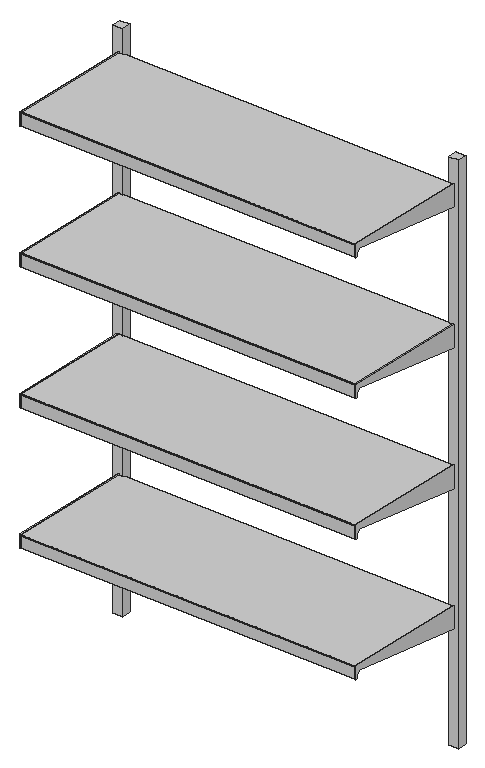
Revit family "CS1", category Specialty Equipment, Revit 2012
Parameters (values of type "Cooler Shelf Starter (Default)")
  Width = 4' - 0"
  Model = "Cooler Shelf"
  Manufacturer = "© 2012 Madix, Inc. All rights reserved."
Reference planes (in)
  plane 1 "Center (Front/Back)": y = 0
  plane 2: z = 0
  plane 3 "Center (Left/Right)": x = 0
  plane 4: x = -24
  plane 5: x = 24
  plane 6: y = -1.25
  plane 7: z = 18
  plane 8: z = 17.875
  plane 9: z = 35.875
  plane 10: z = 63
  plane 11: z = 18
  plane 12: z = 17.875
  plane 13: z = 54
  plane 14: z = 53.875
  plane 15: z = 35.875
  plane 16: x = -23.875
  plane 17: x = 23.875
  plane 18: x = 24.6875
  plane 19: x = 23.3125
  plane 20: x = -24.6875
  plane 21: x = -23.3125
Forms (in)
  Extrusion 1, solid, material "Metal - Steel"
    sketch origin (0, 0, 0) x (1, 0, 0) y (0, 1, 0)
      loop
        line (23.3125, 0) -> (23.3125, -1.25) -> (24.6875, -1.25) -> (24.6875, 0) -> (23.3125, 0)
      loop
        line (-23.3125, -1.25) -> (-23.3125, 0) -> (-24.6875, 0) -> (-24.6875, -1.25) -> (-23.3125, -1.25)
    from 0 to 75.25
  Extrusion 2, solid, material "Metal - Steel"
    sketch origin (0, 0, 0) x (0, 1, 0) y (0, 0, 1)
      loop
        line (-1.25, 18) -> (-18.75, 18) -> (-18.75, 16.25) -> (-18.625, 16.25) -> (-18.625, 16.75) -> (-18.125, 17.25) -> (-1.25, 15) -> (-1.25, 18)
      loop
        line (-1.25, 36) -> (-18.75, 36) -> (-18.75, 34.25) -> (-18.625, 34.25) -> (-18.625, 34.75) -> (-18.125, 35.25) -> (-1.25, 33) -> (-1.25, 36)
      loop
        line (-1.25, 54) -> (-18.75, 54) -> (-18.75, 52.25) -> (-18.625, 52.25) -> (-18.625, 52.75) -> (-18.125, 53.25) -> (-1.25, 51) -> (-1.25, 54)
      loop
        line (-1.25, 72) -> (-18.75, 72) -> (-18.75, 70.25) -> (-18.625, 70.25) -> (-18.625, 70.75) -> (-18.125, 71.25) -> (-1.25, 69) -> (-1.25, 72)
    from -23.875 to -24
  Extrusion 3, solid, material "Metal - Steel"
    sketch origin (0, 0, 0) x (1, 0, 0) y (0, 1, 0)
      loop
        line (-23.875, -1.25) -> (-23.875, -18.75) -> (23.875, -18.75) -> (23.875, -1.25) -> (-23.875, -1.25)
    from 17.875 to 18
  Extrusion 4, solid, material "Metal - Steel"
    sketch origin (0, 0, 0) x (0, 1, 0) y (0, 0, -1)
      loop
        line (-1.25, -18) -> (-1.25, -15) -> (-18.125, -17.25) -> (-18.625, -16.75) -> (-18.625, -16.25) -> (-18.75, -16.25) -> (-18.75, -18) -> (-1.25, -18)
      loop
        line (-1.25, -36) -> (-1.25, -33) -> (-18.125, -35.25) -> (-18.625, -34.75) -> (-18.625, -34.25) -> (-18.75, -34.25) -> (-18.75, -36) -> (-1.25, -36)
      loop
        line (-1.25, -54) -> (-1.25, -51) -> (-18.125, -53.25) -> (-18.625, -52.75) -> (-18.625, -52.25) -> (-18.75, -52.25) -> (-18.75, -54) -> (-1.25, -54)
      loop
        line (-1.25, -72) -> (-1.25, -69) -> (-18.125, -71.25) -> (-18.625, -70.75) -> (-18.625, -70.25) -> (-18.75, -70.25) -> (-18.75, -72) -> (-1.25, -72)
    from -24 to -23.875
  Extrusion 5, solid, material "Metal - Steel"
    sketch origin (0, 0, 0) x (0, 1, 0) y (0, 0, -1)
      loop
        line (-1.25, -18) -> (-1.25, -15) -> (-18.125, -17.25) -> (-18.625, -16.75) -> (-18.625, -16.25) -> (-18.75, -16.25) -> (-18.75, -18) -> (-1.25, -18)
      loop
        line (-1.25, -36) -> (-1.25, -33) -> (-18.125, -35.25) -> (-18.625, -34.75) -> (-18.625, -34.25) -> (-18.75, -34.25) -> (-18.75, -36) -> (-1.25, -36)
      loop
        line (-1.25, -54) -> (-1.25, -51) -> (-18.125, -53.25) -> (-18.625, -52.75) -> (-18.625, -52.25) -> (-18.75, -52.25) -> (-18.75, -54) -> (-1.25, -54)
      loop
        line (-1.25, -72) -> (-1.25, -69) -> (-18.125, -71.25) -> (-18.625, -70.75) -> (-18.625, -70.25) -> (-18.75, -70.25) -> (-18.75, -72) -> (-1.25, -72)
    from -24 to -23.875
  Extrusion 6, solid, material "Metal - Steel"
    sketch origin (0, 0, 0) x (0, 1, 0) y (0, 0, -1)
      loop
        line (-1.25, -18) -> (-1.25, -15) -> (-18.125, -17.25) -> (-18.625, -16.75) -> (-18.625, -16.25) -> (-18.75, -16.25) -> (-18.75, -18) -> (-1.25, -18)
      loop
        line (-1.25, -36) -> (-1.25, -33) -> (-18.125, -35.25) -> (-18.625, -34.75) -> (-18.625, -34.25) -> (-18.75, -34.25) -> (-18.75, -36) -> (-1.25, -36)
      loop
        line (-1.25, -54) -> (-1.25, -51) -> (-18.125, -53.25) -> (-18.625, -52.75) -> (-18.625, -52.25) -> (-18.75, -52.25) -> (-18.75, -54) -> (-1.25, -54)
      loop
        line (-1.25, -72) -> (-1.25, -69) -> (-18.125, -71.25) -> (-18.625, -70.75) -> (-18.625, -70.25) -> (-18.75, -70.25) -> (-18.75, -72) -> (-1.25, -72)
    from -24 to -23.875
  Extrusion 7, solid, material "Metal - Steel"
    sketch origin (0, 0, 0) x (0, 1, 0) y (0, 0, -1)
      loop
        line (-1.25, -18) -> (-1.25, -15) -> (-18.125, -17.25) -> (-18.625, -16.75) -> (-18.625, -16.25) -> (-18.75, -16.25) -> (-18.75, -18) -> (-1.25, -18)
      loop
        line (-1.25, -36) -> (-1.25, -33) -> (-18.125, -35.25) -> (-18.625, -34.75) -> (-18.625, -34.25) -> (-18.75, -34.25) -> (-18.75, -36) -> (-1.25, -36)
      loop
        line (-1.25, -54) -> (-1.25, -51) -> (-18.125, -53.25) -> (-18.625, -52.75) -> (-18.625, -52.25) -> (-18.75, -52.25) -> (-18.75, -54) -> (-1.25, -54)
      loop
        line (-1.25, -72) -> (-1.25, -69) -> (-18.125, -71.25) -> (-18.625, -70.75) -> (-18.625, -70.25) -> (-18.75, -70.25) -> (-18.75, -72) -> (-1.25, -72)
    from -24 to -23.875
  Extrusion 8, solid, material "Metal - Steel"
    sketch origin (0, 0, 54) x (0, -1, 0) y (1, 0, 0)
      loop
        line (1.25, -23.875) -> (18.75, -23.875) -> (18.75, 23.875) -> (1.25, 23.875) -> (1.25, -23.875)
    from 17.875 to 18
  Extrusion 9, solid, material "Metal - Steel"
    sketch origin (0, 0, 0) x (1, 0, 0) y (0, 1, 0)
      loop
        line (-23.875, -1.25) -> (-23.875, -18.75) -> (23.875, -18.75) -> (23.875, -1.25) -> (-23.875, -1.25)
    from 35.875 to 36
  Extrusion 10, solid, material "Metal - Steel"
    sketch origin (0, 0, 0) x (1, 0, 0) y (0, 1, 0)
      loop
        line (-23.875, -1.25) -> (-23.875, -18.75) -> (23.875, -18.75) -> (23.875, -1.25) -> (-23.875, -1.25)
    from 53.875 to 54
  Extrusion 11, solid, material "Metal - Steel"
    sketch origin (-23.875, 0, 0) x (0, -1, 0) y (0, 0, 1)
      loop
        line (18.75, 17.875) -> (18.625, 17.875) -> (18.625, 16.25) -> (18.75, 16.25) -> (18.75, 17.875)
      loop
        line (18.75, 35.875) -> (18.625, 35.875) -> (18.625, 34.25) -> (18.75, 34.25) -> (18.75, 35.875)
      loop
        line (18.75, 53.875) -> (18.625, 53.875) -> (18.625, 52.25) -> (18.75, 52.25) -> (18.75, 53.875)
      loop
        line (18.625, 70.25) -> (18.75, 70.25) -> (18.75, 71.875) -> (18.625, 71.875) -> (18.625, 70.25)
    from -47.75 to 0
Dimensions and locks (in)
  "Width": plane 4 to plane 5
  equal spacing: plane 4, plane 3 "Center (Left/Right)", plane 5
  locked: plane 4 to plane 16 at 0.125
  locked: plane 17 to plane 5 at 0.125
  plane 19 to plane 5 to plane 18 = 0' - 0 11/16" locked, 0' - 0 11/16" locked
  plane 20 to plane 4 to plane 21 = 0' - 0 11/16" locked, 0' - 0 11/16" locked
  aligned and locked: level to plane 2
  aligned and locked: Extrusion 8 to plane 16
  aligned and locked: Extrusion 2 to plane 4
  aligned and locked: Extrusion 2 to Extrusion 8
  aligned and locked: Extrusion 9 to Extrusion 2
  aligned and locked: Extrusion 3 to Extrusion 2
  aligned and locked: Extrusion 8 to plane 17
  aligned and locked: Extrusion 7 to plane 5
  aligned and locked: Extrusion 7 to Extrusion 8
  aligned and locked: Extrusion 6 to plane 5
  aligned and locked: Extrusion 6 to Extrusion 7
  aligned and locked: Extrusion 5 to plane 5
  aligned and locked: Extrusion 5 to Extrusion 6
  aligned and locked: Extrusion 4 to plane 5
  aligned and locked: Extrusion 4 to Extrusion 5
  aligned and locked: Extrusion 10 to Extrusion 4
  aligned and locked: Extrusion 9 to Extrusion 4
  aligned and locked: Extrusion 3 to Extrusion 4
  aligned and locked: plane 19 to Extrusion 1
  aligned and locked: plane 18 to Extrusion 1
  aligned and locked: Extrusion 11 to Extrusion 4
  aligned and locked: Extrusion 11 to Extrusion 2
Automatic sketch dimensions
  Extrusion 2 sketch curve to plane 7 = 0' - 0"
  Extrusion 2 sketch curve to plane 13 = 0' - 0"
  Extrusion 2 sketch curve to plane 6 = 0' - 0"  (x4)
  Extrusion 2 sketch curve to plane 14 = 0' - 0 5/8"
  Extrusion 2 sketch curve to plane 6 = 1' - 4 7/8"  (x4)
  Extrusion 2 sketch curve to plane 9 = 0' - 0 5/8"
  plane 10 to Extrusion 2 sketch curve = 0' - 8 1/4"
  Extrusion 2 sketch curve to plane 8 = 0' - 0 5/8"
  Extrusion 2 sketch curve to Extrusion 2 sketch curve = 0' - 0 1/2"  (x9)
  Extrusion 2 sketch curve to Extrusion 2 sketch curve = 0' - 0 5/8"  (x2)
  plane 9 to Extrusion 2 sketch curve = 0' - 0 1/8"
  Extrusion 2 sketch curve to Extrusion 2 sketch curve = 0' - 0 1/8"  (x2)
  Extrusion 2 sketch curve to plane 8 = 0' - 2 7/8"
  Extrusion 2 sketch curve to plane 9 = 0' - 2 7/8"
  Extrusion 2 sketch curve to Extrusion 2 sketch curve = 0' - 1"  (x3)
  Extrusion 2 sketch curve to plane 14 = 0' - 2 7/8"
  plane 10 to Extrusion 2 sketch curve = 0' - 6"
  Extrusion 2 sketch curve to Extrusion 2 sketch curve = 0' - 0 3/4"
  Extrusion 3 sketch curve to plane 6 = 0' - 0"
  Extrusion 3 sketch curve to plane 6 = 1' - 5 1/2"
  Extrusion 4 sketch curve to plane 7 = 0' - 0"
  Extrusion 4 sketch curve to plane 13 = 0' - 0"
  Extrusion 4 sketch curve to plane 6 = 0' - 0"  (x4)
  Extrusion 4 sketch curve to plane 14 = 0' - 0 5/8"
  Extrusion 4 sketch curve to plane 6 = 1' - 4 7/8"  (x4)
  Extrusion 4 sketch curve to plane 9 = 0' - 0 5/8"
  plane 10 to Extrusion 4 sketch curve = 0' - 8 1/4"
  Extrusion 4 sketch curve to plane 8 = 0' - 0 5/8"
  Extrusion 4 sketch curve to Extrusion 4 sketch curve = 0' - 0 1/2"  (x12)
  Extrusion 4 sketch curve to Extrusion 4 sketch curve = 0' - 0 5/8"  (x2)
  plane 9 to Extrusion 4 sketch curve = 0' - 0 1/8"
  Extrusion 4 sketch curve to Extrusion 4 sketch curve = 0' - 0 1/8"  (x2)
  plane 10 to Extrusion 4 sketch curve = 0' - 9"
  Extrusion 4 sketch curve to Extrusion 4 sketch curve = 0' - 3"
  Extrusion 4 sketch curve to plane 14 = 0' - 2 7/8"
  Extrusion 4 sketch curve to plane 9 = 0' - 2 7/8"
  Extrusion 4 sketch curve to plane 8 = 0' - 2 7/8"
  Extrusion 5 sketch curve to plane 7 = 0' - 0"
  Extrusion 5 sketch curve to plane 13 = 0' - 0"
  Extrusion 5 sketch curve to plane 6 = 0' - 0"  (x4)
  Extrusion 5 sketch curve to plane 14 = 0' - 0 5/8"
  Extrusion 5 sketch curve to plane 6 = 1' - 4 7/8"  (x4)
  Extrusion 5 sketch curve to plane 9 = 0' - 0 5/8"
  plane 10 to Extrusion 5 sketch curve = 0' - 8 1/4"
  Extrusion 5 sketch curve to plane 8 = 0' - 0 5/8"
  Extrusion 5 sketch curve to Extrusion 5 sketch curve = 0' - 0 1/2"  (x12)
  Extrusion 5 sketch curve to Extrusion 5 sketch curve = 0' - 0 5/8"  (x2)
  plane 9 to Extrusion 5 sketch curve = 0' - 0 1/8"
  Extrusion 5 sketch curve to Extrusion 5 sketch curve = 0' - 0 1/8"  (x2)
  plane 10 to Extrusion 5 sketch curve = 0' - 9"
  Extrusion 5 sketch curve to Extrusion 5 sketch curve = 0' - 3"
  Extrusion 5 sketch curve to plane 14 = 0' - 2 7/8"
  Extrusion 5 sketch curve to plane 9 = 0' - 2 7/8"
  Extrusion 5 sketch curve to plane 8 = 0' - 2 7/8"
  Extrusion 6 sketch curve to plane 7 = 0' - 0"
  Extrusion 6 sketch curve to plane 13 = 0' - 0"
  Extrusion 6 sketch curve to plane 6 = 0' - 0"  (x4)
  Extrusion 6 sketch curve to plane 14 = 0' - 0 5/8"
  Extrusion 6 sketch curve to plane 6 = 1' - 4 7/8"  (x4)
  Extrusion 6 sketch curve to plane 9 = 0' - 0 5/8"
  plane 10 to Extrusion 6 sketch curve = 0' - 8 1/4"
  Extrusion 6 sketch curve to plane 8 = 0' - 0 5/8"
  Extrusion 6 sketch curve to Extrusion 6 sketch curve = 0' - 0 1/2"  (x12)
  Extrusion 6 sketch curve to Extrusion 6 sketch curve = 0' - 0 5/8"  (x2)
  plane 9 to Extrusion 6 sketch curve = 0' - 0 1/8"
  Extrusion 6 sketch curve to Extrusion 6 sketch curve = 0' - 0 1/8"  (x2)
  plane 10 to Extrusion 6 sketch curve = 0' - 9"
  Extrusion 6 sketch curve to Extrusion 6 sketch curve = 0' - 3"
  Extrusion 6 sketch curve to plane 14 = 0' - 2 7/8"
  Extrusion 6 sketch curve to plane 9 = 0' - 2 7/8"
  Extrusion 6 sketch curve to plane 8 = 0' - 2 7/8"
  Extrusion 7 sketch curve to plane 7 = 0' - 0"
  Extrusion 7 sketch curve to plane 13 = 0' - 0"
  Extrusion 7 sketch curve to plane 6 = 0' - 0"  (x4)
  Extrusion 7 sketch curve to plane 14 = 0' - 0 5/8"
  Extrusion 7 sketch curve to plane 6 = 1' - 4 7/8"  (x4)
  Extrusion 7 sketch curve to plane 9 = 0' - 0 5/8"
  plane 10 to Extrusion 7 sketch curve = 0' - 8 1/4"
  Extrusion 7 sketch curve to plane 8 = 0' - 0 5/8"
  Extrusion 7 sketch curve to Extrusion 7 sketch curve = 0' - 0 1/2"  (x12)
  Extrusion 7 sketch curve to Extrusion 7 sketch curve = 0' - 0 5/8"  (x2)
  plane 9 to Extrusion 7 sketch curve = 0' - 0 1/8"
  Extrusion 7 sketch curve to Extrusion 7 sketch curve = 0' - 0 1/8"  (x2)
  plane 10 to Extrusion 7 sketch curve = 0' - 9"
  Extrusion 7 sketch curve to Extrusion 7 sketch curve = 0' - 3"
  Extrusion 7 sketch curve to plane 14 = 0' - 2 7/8"
  Extrusion 7 sketch curve to plane 9 = 0' - 2 7/8"
  Extrusion 7 sketch curve to plane 8 = 0' - 2 7/8"
  Extrusion 8 sketch curve to plane 6 = 0' - 0"
  Extrusion 8 sketch curve to plane 6 = 1' - 5 1/2"
  Extrusion 9 sketch curve to plane 6 = 0' - 0"
  Extrusion 9 sketch curve to plane 6 = 1' - 5 1/2"
  Extrusion 10 sketch curve to plane 6 = 0' - 0"
  Extrusion 10 sketch curve to plane 6 = 1' - 5 1/2"
  Extrusion 11 sketch curve to Extrusion 2 = 0' - 0"  (x9)
  Extrusion 2 to Extrusion 11 sketch curve = 0' - 0"  (x3)
  Extrusion 11 sketch curve to Extrusion 2 = 0' - 0 1/8"  (x4)
  Extrusion 3 sketch curve to plane 16 = 0' - 0"
  Extrusion 8 sketch curve to plane 16 = 0' - 0"
  Extrusion 9 sketch curve to plane 16 = 0' - 0"
  Extrusion 10 sketch curve to plane 16 = 0' - 0"
  Extrusion 3 sketch curve to plane 17 = 0' - 0"
  Extrusion 8 sketch curve to plane 17 = 0' - 0"
  Extrusion 9 sketch curve to plane 17 = 0' - 0"
  Extrusion 10 sketch curve to plane 17 = 0' - 0"
  Extrusion 1 sketch curve to plane 20 = 0' - 0"
  Extrusion 1 sketch curve to plane 6 = 0' - 0"  (x2)
  Extrusion 1 sketch curve to plane 21 = 0' - 0"
  Extrusion 1 sketch curve to plane 19 = 0' - 0"
  Extrusion 1 sketch curve to plane 18 = 0' - 0"
  plane 1 "Center (Front/Back)" to Extrusion 1 sketch curve = 0' - 0"  (x2)
